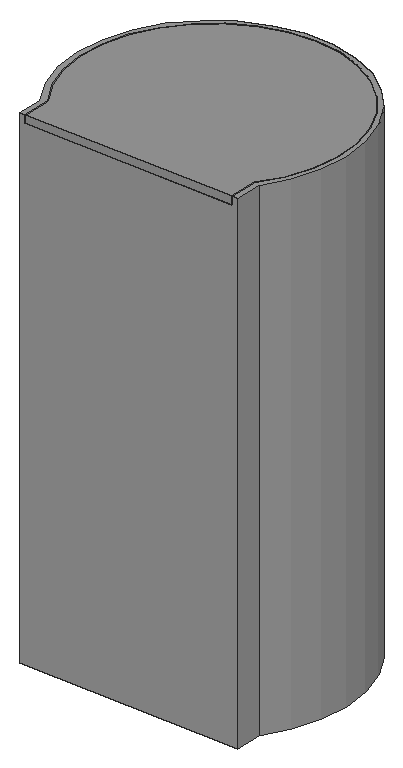
Revit family "3056 Bjørk Soap dispenser", category Furniture Systems, host Wall, Revit 2018
Family settings
  Host = Wall
  Round Connector Dimension = Use Diameter
  Part Type = Normal
  Always vertical = Yes
  Cut with Voids When Loaded = No
  Shared = No
  Room Calculation Point = No
Parameters (values of type "OSLO")
  URL = "http://www.dandryer.dk/da-dk/produkter/produktserie-%E2%80%93-bjork/3056-bjork-dispenser-flydende-saebe-desinfektion--mat-sort"
  Type Image = <None>
  Surface Top = OSLO
  Surface Front = Mat Sort
  Model = "Björk-3056"
  Manufacturer = "Dan Dryer"
  Description = "Touch-free Soap dispenser"
  Cost = 0
Types (6, lengths in mm): name | Surface Top
  BIRK | BIRK
  GEO WHITE | GEO WHITE
  GRIGIO LONDRA | GRIGIO LONDRA
  NEGRO INGO | NEGRO INGO
  OSLO | OSLO
  BIANCO MALE | BIANCO MALE
Reference planes
  plane 1 "Wall": y = 0
  plane 2 "Center (Left/Right)": x = 125
  plane 3 "Back": y = 75
Forms (mm)
  Extrusion 1, solid, material "Blank Hvid", not visible
    sketch origin (0, 0, 0) x (1, 0, 0) y (0, 1, 0)
      loop
        arc (42.212, 95.366) -> (42.426, 94.946) -> (42.5, 94.481) r 1.5
        line (42.5, 94.481) -> (42.5, 75.3) -> (43.7, 75.3) -> (43.7, 94.481)
        arc (43.7, 94.481) -> (43.567, 95.318) -> (43.181, 96.073) r 2.7
        arc (43.181, 96.073) -> (125, 257.1) -> (206.819, 96.073) r 101.3
        arc (206.819, 96.073) -> (206.433, 95.318) -> (206.3, 94.481) r 2.7
        line (206.3, 94.481) -> (206.3, 75.3) -> (207.5, 75.3) -> (207.5, 94.481)
        arc (207.5, 94.481) -> (207.574, 94.946) -> (207.788, 95.366) r 1.5
        arc (207.788, 95.366) -> (125, 258.3) -> (42.212, 95.366) r 102.5
    from 900 to 1230
  Extrusion 2, void, not visible
    sketch origin (207.5, 94.481, 0) x (0, 1, 0) y (0, 0, -1)
      loop
        line (-19.181, -1225) -> (-19.181, -1230) -> (6.154, -1230)
        arc (6.154, -1230) -> (3.068, -1228.36) -> (2.105, -1225) r 4.47
        line (2.105, -1225) -> (-19.181, -1225)
    from -10.952 to 170.161
  Extrusion 3, void, not visible
    sketch origin (207.5, 94.481, 2130) x (0, 1, 0) y (0, 0, -1)
      loop
        line (-19.181, 1225) -> (2.105, 1225)
        arc (2.105, 1225) -> (3.068, 1228.36) -> (6.154, 1230) r 4.47
        line (6.154, 1230) -> (-19.181, 1230) -> (-19.181, 1225)
    from -6 to 179.451
  Extrusion 4, solid, not visible
    sketch origin (207.5, 75.3, 907) x (0, 1, 0) y (-1, 0, 0)
      loop
        line (0, 163.8) -> (0, 1.2) -> (19.181, 1.2)
        arc (19.181, 1.2) -> (20.018, 1.067) -> (20.773, 0.681) r 2.7
        arc (20.773, 0.681) -> (181.8, 82.5) -> (20.773, 164.319) r 101.3
        arc (20.773, 164.319) -> (20.018, 163.933) -> (19.181, 163.8) r 2.7
        line (19.181, 163.8) -> (0, 163.8)
    from 0 to -2
  Extrusion 5, void, not visible
    sketch origin (206.3, 75.3, 0) x (-1, 0, 0) y (0, 0, 1)
      loop
        arc (83.312, 976) -> (81.303, 978.014) -> (79.288, 976) r 2.012
        line (79.288, 976) -> (79.285, 930)
        arc (79.285, 930) -> (81.297, 927.986) -> (83.312, 930) r 2.012
        line (83.312, 930) -> (83.312, 976)
    from 174.915 to 189.234
  Extrusion 6, solid, not visible
    sketch origin (206.3, 75.3, 0) x (1, 0, 0) y (0, 0, 1)
      loop
        line (-83.312, 975.984) -> (-83.312, 930)
        arc (-83.312, 930) -> (-81.291, 928.118) -> (-79.287, 930.016) r 2.015
        line (-79.287, 930.016) -> (-79.288, 976)
        arc (-79.288, 976) -> (-81.309, 977.882) -> (-83.312, 975.984) r 2.015
    from -182.98 to -174.915
  Extrusion 7, solid, material "Mat Sort", not visible
    sketch origin (0, 0, 0) x (1, 0, 0) y (0, 1, 0)
      loop
        arc (42.212, 95.366) -> (42.426, 94.946) -> (42.5, 94.481) r 1.5
        line (42.5, 94.481) -> (42.5, 75.3) -> (43.7, 75.3) -> (43.7, 94.481)
        arc (43.7, 94.481) -> (43.567, 95.318) -> (43.181, 96.073) r 2.7
        arc (43.181, 96.073) -> (125, 257.1) -> (206.819, 96.073) r 101.3
        arc (206.819, 96.073) -> (206.433, 95.318) -> (206.3, 94.481) r 2.7
        line (206.3, 94.481) -> (206.3, 75.3) -> (207.5, 75.3) -> (207.5, 94.481)
        arc (207.5, 94.481) -> (207.574, 94.946) -> (207.788, 95.366) r 1.5
        arc (207.788, 95.366) -> (125, 258.3) -> (42.212, 95.366) r 102.5
    from 900 to 1230
Text (mm)
  text "Placement Side" at (-1848.837, 1116.779, 0), in view "Ref. Level"
  text "Placement side" at (0, 1409.804, 2854.306), in view "Left"
  text "Placement side" at (0, 499.811, 2980.732), in view "Right"
Dimensions and locks
  locked: plane 3 "Back" to host wall
  aligned and locked: plane 1 "Wall" to host wall
  aligned and locked: plane 3 "Back" to nested 1  (x2)
Nested families
  nested 1: "Master Soap dispenser" at (125, 75, 1100), type "Master Soap dispenser"
Definition of nested family "Master Soap dispenser"
  Parameters (values of type "Master Soap dispenser")
    Surface Top = none
    Surface Front = none
  Reference planes
    plane 1 "Center (Front/Back)": y = 0
    plane 2: z = 0
    plane 3 "Center (Left/Right)": x = 0
  Forms (mm)
    Extrusion 1, solid, material <- "Surface Front"
      sketch origin (0, 0, 0) x (1, 0, 0) y (0, 1, 0)
        loop
          line (-72.636, 16.842) -> (-72.636, 0) -> (73.262, 0) -> (73.262, 17.709)
          arc (73.262, 17.709) -> (-0.534, 159.71) -> (-72.636, 16.842) r 89.899
      from 0 to 330
    Extrusion 2, solid, material <- "Surface Top"
      sketch origin (0, 0, 330) x (1, 0, 0) y (0, 1, 0)
        loop
          arc (69.262, 19.017) -> (0, 156.8) -> (-69.261, 19.017) r 86.3
          line (-69.261, 19.017) -> (-69.261, 0) -> (69.262, 0) -> (69.262, 19.017)
      from 0 to -5
    Extrusion 3, void
      sketch origin (0, 0, 0) x (1, 0, 0) y (0, 1, 0)
        loop
          line (-69.261, 0) -> (69.262, 0) -> (69.262, 19.017)
          arc (69.262, 19.017) -> (0, 156.8) -> (-69.261, 19.017) r 86.3
          line (-69.261, 19.017) -> (-69.261, 0)
      from 325 to 330
  Cuts and joins
    Extrusion 3 cuts Extrusion 1
  Dimensions and locks
    aligned and locked: level to plane 2
